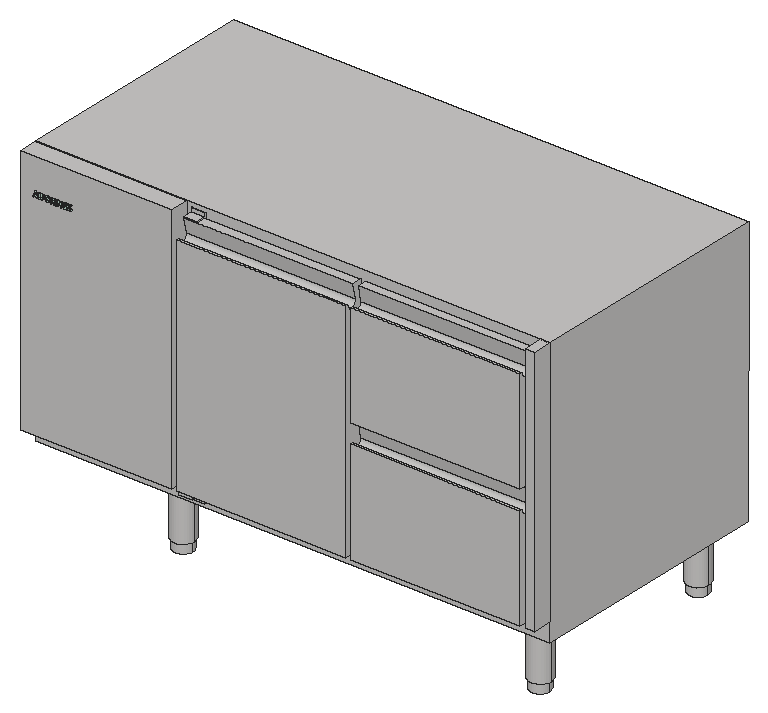
Revit family "QF_ALPENINOX_712197_AK2F7AB", category Specialty Equipment, Revit 2018 (continued)
Definition of nested family "APX_BI_BT_L"
  Lines and regions (mm)
    Split face 121
      outline origin (215, -951.3, 50) x (1, 0, 0) y (0, 1, 0)
        loop
          arc (-273.464, 607.474) -> (-277.464, 603.474) -> (-273.464, 599.474) r 4
          line (-273.464, 599.474) -> (-231.464, 599.474)
          arc (-231.464, 599.474) -> (-227.464, 603.474) -> (-231.464, 607.474) r 4
          line (-231.464, 607.474) -> (-273.464, 607.474)
    Split face 122
      outline origin (-5, -975.3, 50) x (1, 0, 0) y (0, 1, 0)
        loop
          arc (-163.464, 619.474) -> (-167.464, 615.474) -> (-163.464, 611.474) r 4
          line (-163.464, 611.474) -> (-121.464, 611.474)
          arc (-121.464, 611.474) -> (-117.464, 615.474) -> (-121.464, 619.474) r 4
          line (-121.464, 619.474) -> (-163.464, 619.474)
    Split face 123
      outline origin (325, -975.3, 50) x (1, 0, 0) y (0, 1, 0)
        loop
          arc (-328.464, 619.474) -> (-332.464, 615.474) -> (-328.464, 611.474) r 4
          line (-328.464, 611.474) -> (-286.464, 611.474)
          arc (-286.464, 611.474) -> (-282.464, 615.474) -> (-286.464, 619.474) r 4
          line (-286.464, 619.474) -> (-328.464, 619.474)
    Split face 124
      outline origin (105, -975.3, 50) x (1, 0, 0) y (0, 1, 0)
        loop
          arc (-218.464, 619.474) -> (-222.464, 615.474) -> (-218.464, 611.474) r 4
          line (-218.464, 611.474) -> (-176.464, 611.474)
          arc (-176.464, 611.474) -> (-172.464, 615.474) -> (-176.464, 619.474) r 4
          line (-176.464, 619.474) -> (-218.464, 619.474)
    Split face 125
      outline origin (215, -975.3, 50) x (1, 0, 0) y (0, 1, 0)
        loop
          arc (-273.464, 619.474) -> (-277.464, 615.474) -> (-273.464, 611.474) r 4
          line (-273.464, 611.474) -> (-231.464, 611.474)
          arc (-231.464, 611.474) -> (-227.464, 615.474) -> (-231.464, 619.474) r 4
          line (-231.464, 619.474) -> (-273.464, 619.474)
    Split face 126
      outline origin (-5, -999.3, 50) x (1, 0, 0) y (0, 1, 0)
        loop
          arc (-163.464, 631.474) -> (-167.464, 627.474) -> (-163.464, 623.474) r 4
          line (-163.464, 623.474) -> (-121.464, 623.474)
          arc (-121.464, 623.474) -> (-117.464, 627.474) -> (-121.464, 631.474) r 4
          line (-121.464, 631.474) -> (-163.464, 631.474)
    Split face 127
      outline origin (325, -999.3, 50) x (1, 0, 0) y (0, 1, 0)
        loop
          arc (-328.464, 631.474) -> (-332.464, 627.474) -> (-328.464, 623.474) r 4
          line (-328.464, 623.474) -> (-286.464, 623.474)
          arc (-286.464, 623.474) -> (-282.464, 627.474) -> (-286.464, 631.474) r 4
          line (-286.464, 631.474) -> (-328.464, 631.474)
    Split face 128
      outline origin (105, -999.3, 50) x (1, 0, 0) y (0, 1, 0)
        loop
          arc (-218.464, 631.474) -> (-222.464, 627.474) -> (-218.464, 623.474) r 4
          line (-218.464, 623.474) -> (-176.464, 623.474)
          arc (-176.464, 623.474) -> (-172.464, 627.474) -> (-176.464, 631.474) r 4
          line (-176.464, 631.474) -> (-218.464, 631.474)
    Split face 129
      outline origin (215, -999.3, 50) x (1, 0, 0) y (0, 1, 0)
        loop
          arc (-273.464, 631.474) -> (-277.464, 627.474) -> (-273.464, 623.474) r 4
          line (-273.464, 623.474) -> (-231.464, 623.474)
          arc (-231.464, 623.474) -> (-227.464, 627.474) -> (-231.464, 631.474) r 4
          line (-231.464, 631.474) -> (-273.464, 631.474)
    Split face 130
      outline origin (-5, -1023.3, 50) x (1, 0, 0) y (0, 1, 0)
        loop
          arc (-163.464, 643.474) -> (-167.464, 639.474) -> (-163.464, 635.474) r 4
          line (-163.464, 635.474) -> (-121.464, 635.474)
          arc (-121.464, 635.474) -> (-117.464, 639.474) -> (-121.464, 643.474) r 4
          line (-121.464, 643.474) -> (-163.464, 643.474)
    Split face 131
      outline origin (325, -1023.3, 50) x (1, 0, 0) y (0, 1, 0)
        loop
          arc (-328.464, 643.474) -> (-332.464, 639.474) -> (-328.464, 635.474) r 4
          line (-328.464, 635.474) -> (-286.464, 635.474)
          arc (-286.464, 635.474) -> (-282.464, 639.474) -> (-286.464, 643.474) r 4
          line (-286.464, 643.474) -> (-328.464, 643.474)
    Split face 132
      outline origin (105, -1023.3, 50) x (1, 0, 0) y (0, 1, 0)
        loop
          arc (-218.464, 643.474) -> (-222.464, 639.474) -> (-218.464, 635.474) r 4
          line (-218.464, 635.474) -> (-176.464, 635.474)
          arc (-176.464, 635.474) -> (-172.464, 639.474) -> (-176.464, 643.474) r 4
          line (-176.464, 643.474) -> (-218.464, 643.474)
    Split face 133
      outline origin (215, -1023.3, 50) x (1, 0, 0) y (0, 1, 0)
        loop
          arc (-273.464, 643.474) -> (-277.464, 639.474) -> (-273.464, 635.474) r 4
          line (-273.464, 635.474) -> (-231.464, 635.474)
          arc (-231.464, 635.474) -> (-227.464, 639.474) -> (-231.464, 643.474) r 4
          line (-231.464, 643.474) -> (-273.464, 643.474)
    Split face 134
      outline origin (0, 0, 50) x (1, 0, 0) y (0, 1, 0)
        loop
          arc (51.536, 131.824) -> (47.536, 127.824) -> (51.536, 123.824) r 4
          line (51.536, 123.824) -> (93.536, 123.824)
          arc (93.536, 123.824) -> (97.536, 127.824) -> (93.536, 131.824) r 4
          line (93.536, 131.824) -> (51.536, 131.824)
    Split face 135
      outline origin (0, 0, 50) x (1, 0, 0) y (0, 1, 0)
        loop
          arc (106.536, 131.824) -> (102.536, 127.824) -> (106.536, 123.824) r 4
          line (106.536, 123.824) -> (148.536, 123.824)
          arc (148.536, 123.824) -> (152.536, 127.824) -> (148.536, 131.824) r 4
          line (148.536, 131.824) -> (106.536, 131.824)
    Split face 136
      outline origin (0, -24, 50) x (1, 0, 0) y (0, 1, 0)
        loop
          arc (51.536, 143.824) -> (47.536, 139.824) -> (51.536, 135.824) r 4
          line (51.536, 135.824) -> (93.536, 135.824)
          arc (93.536, 135.824) -> (97.536, 139.824) -> (93.536, 143.824) r 4
          line (93.536, 143.824) -> (51.536, 143.824)
    Split face 137
      outline origin (0, -24, 50) x (1, 0, 0) y (0, 1, 0)
        loop
          arc (106.536, 143.824) -> (102.536, 139.824) -> (106.536, 135.824) r 4
          line (106.536, 135.824) -> (148.536, 135.824)
          arc (148.536, 135.824) -> (152.536, 139.824) -> (148.536, 143.824) r 4
          line (148.536, 143.824) -> (106.536, 143.824)
    Split face 138
      outline origin (0, -48, 50) x (1, 0, 0) y (0, 1, 0)
        loop
          arc (51.536, 155.824) -> (47.536, 151.824) -> (51.536, 147.824) r 4
          line (51.536, 147.824) -> (93.536, 147.824)
          arc (93.536, 147.824) -> (97.536, 151.824) -> (93.536, 155.824) r 4
          line (93.536, 155.824) -> (51.536, 155.824)
    Split face 139
      outline origin (0, -48, 50) x (1, 0, 0) y (0, 1, 0)
        loop
          arc (106.536, 155.824) -> (102.536, 151.824) -> (106.536, 147.824) r 4
          line (106.536, 147.824) -> (148.536, 147.824)
          arc (148.536, 147.824) -> (152.536, 151.824) -> (148.536, 155.824) r 4
          line (148.536, 155.824) -> (106.536, 155.824)
    Split face 140
      outline origin (0, -72, 50) x (1, 0, 0) y (0, 1, 0)
        loop
          arc (51.536, 167.824) -> (47.536, 163.824) -> (51.536, 159.824) r 4
          line (51.536, 159.824) -> (93.536, 159.824)
          arc (93.536, 159.824) -> (97.536, 163.824) -> (93.536, 167.824) r 4
          line (93.536, 167.824) -> (51.536, 167.824)
    Split face 141
      outline origin (0, -72, 50) x (1, 0, 0) y (0, 1, 0)
        loop
          arc (106.536, 167.824) -> (102.536, 163.824) -> (106.536, 159.824) r 4
          line (106.536, 159.824) -> (148.536, 159.824)
          arc (148.536, 159.824) -> (152.536, 163.824) -> (148.536, 167.824) r 4
          line (148.536, 167.824) -> (106.536, 167.824)
    Split face 142
      outline origin (0, -96, 50) x (1, 0, 0) y (0, 1, 0)
        loop
          arc (51.536, 179.824) -> (47.536, 175.824) -> (51.536, 171.824) r 4
          line (51.536, 171.824) -> (93.536, 171.824)
          arc (93.536, 171.824) -> (97.536, 175.824) -> (93.536, 179.824) r 4
          line (93.536, 179.824) -> (51.536, 179.824)
    Split face 143
      outline origin (0, -96, 50) x (1, 0, 0) y (0, 1, 0)
        loop
          arc (106.536, 179.824) -> (102.536, 175.824) -> (106.536, 171.824) r 4
          line (106.536, 171.824) -> (148.536, 171.824)
          arc (148.536, 171.824) -> (152.536, 175.824) -> (148.536, 179.824) r 4
          line (148.536, 179.824) -> (106.536, 179.824)
    Split face 144
      outline origin (0, -120, 50) x (1, 0, 0) y (0, 1, 0)
        loop
          arc (51.536, 191.824) -> (47.536, 187.824) -> (51.536, 183.824) r 4
          line (51.536, 183.824) -> (93.536, 183.824)
          arc (93.536, 183.824) -> (97.536, 187.824) -> (93.536, 191.824) r 4
          line (93.536, 191.824) -> (51.536, 191.824)
    Split face 145
      outline origin (0, -120, 50) x (1, 0, 0) y (0, 1, 0)
        loop
          arc (106.536, 191.824) -> (102.536, 187.824) -> (106.536, 183.824) r 4
          line (106.536, 183.824) -> (148.536, 183.824)
          arc (148.536, 183.824) -> (152.536, 187.824) -> (148.536, 191.824) r 4
          line (148.536, 191.824) -> (106.536, 191.824)
    Split face 146
      outline origin (0, -144, 50) x (1, 0, 0) y (0, 1, 0)
        loop
          arc (51.536, 203.824) -> (47.536, 199.824) -> (51.536, 195.824) r 4
          line (51.536, 195.824) -> (93.536, 195.824)
          arc (93.536, 195.824) -> (97.536, 199.824) -> (93.536, 203.824) r 4
          line (93.536, 203.824) -> (51.536, 203.824)
    Split face 147
      outline origin (0, -144, 50) x (1, 0, 0) y (0, 1, 0)
        loop
          arc (106.536, 203.824) -> (102.536, 199.824) -> (106.536, 195.824) r 4
          line (106.536, 195.824) -> (148.536, 195.824)
          arc (148.536, 195.824) -> (152.536, 199.824) -> (148.536, 203.824) r 4
          line (148.536, 203.824) -> (106.536, 203.824)
    Split face 148
      outline origin (0, -168, 50) x (1, 0, 0) y (0, 1, 0)
        loop
          arc (51.536, 215.824) -> (47.536, 211.824) -> (51.536, 207.824) r 4
          line (51.536, 207.824) -> (93.536, 207.824)
          arc (93.536, 207.824) -> (97.536, 211.824) -> (93.536, 215.824) r 4
          line (93.536, 215.824) -> (51.536, 215.824)
    Split face 149
      outline origin (0, -168, 50) x (1, 0, 0) y (0, 1, 0)
        loop
          arc (106.536, 215.824) -> (102.536, 211.824) -> (106.536, 207.824) r 4
          line (106.536, 207.824) -> (148.536, 207.824)
          arc (148.536, 207.824) -> (152.536, 211.824) -> (148.536, 215.824) r 4
          line (148.536, 215.824) -> (106.536, 215.824)
    Split face 150
      outline origin (0, -192, 50) x (1, 0, 0) y (0, 1, 0)
        loop
          arc (51.536, 227.824) -> (47.536, 223.824) -> (51.536, 219.824) r 4
          line (51.536, 219.824) -> (93.536, 219.824)
          arc (93.536, 219.824) -> (97.536, 223.824) -> (93.536, 227.824) r 4
          line (93.536, 227.824) -> (51.536, 227.824)
    Split face 151
      outline origin (0, -192, 50) x (1, 0, 0) y (0, 1, 0)
        loop
          arc (106.536, 227.824) -> (102.536, 223.824) -> (106.536, 219.824) r 4
          line (106.536, 219.824) -> (148.536, 219.824)
          arc (148.536, 219.824) -> (152.536, 223.824) -> (148.536, 227.824) r 4
          line (148.536, 227.824) -> (106.536, 227.824)
    Split face 152
      outline origin (0, -216, 50) x (1, 0, 0) y (0, 1, 0)
        loop
          arc (51.536, 239.824) -> (47.536, 235.824) -> (51.536, 231.824) r 4
          line (51.536, 231.824) -> (93.536, 231.824)
          arc (93.536, 231.824) -> (97.536, 235.824) -> (93.536, 239.824) r 4
          line (93.536, 239.824) -> (51.536, 239.824)
    Split face 153
      outline origin (0, -216, 50) x (1, 0, 0) y (0, 1, 0)
        loop
          arc (106.536, 239.824) -> (102.536, 235.824) -> (106.536, 231.824) r 4
          line (106.536, 231.824) -> (148.536, 231.824)
          arc (148.536, 231.824) -> (152.536, 235.824) -> (148.536, 239.824) r 4
          line (148.536, 239.824) -> (106.536, 239.824)
    Split face 154
      outline origin (0, -240, 50) x (1, 0, 0) y (0, 1, 0)
        loop
          arc (51.536, 251.824) -> (47.536, 247.824) -> (51.536, 243.824) r 4
          line (51.536, 243.824) -> (93.536, 243.824)
          arc (93.536, 243.824) -> (97.536, 247.824) -> (93.536, 251.824) r 4
          line (93.536, 251.824) -> (51.536, 251.824)
    Split face 155
      outline origin (0, -240, 50) x (1, 0, 0) y (0, 1, 0)
        loop
          arc (106.536, 251.824) -> (102.536, 247.824) -> (106.536, 243.824) r 4
          line (106.536, 243.824) -> (148.536, 243.824)
          arc (148.536, 243.824) -> (152.536, 247.824) -> (148.536, 251.824) r 4
          line (148.536, 251.824) -> (106.536, 251.824)
    Split face 156
      outline origin (0, -264, 50) x (1, 0, 0) y (0, 1, 0)
        loop
          arc (51.536, 263.824) -> (47.536, 259.824) -> (51.536, 255.824) r 4
          line (51.536, 255.824) -> (93.536, 255.824)
          arc (93.536, 255.824) -> (97.536, 259.824) -> (93.536, 263.824) r 4
          line (93.536, 263.824) -> (51.536, 263.824)
    Split face 157
      outline origin (0, -264, 50) x (1, 0, 0) y (0, 1, 0)
        loop
          arc (106.536, 263.824) -> (102.536, 259.824) -> (106.536, 255.824) r 4
          line (106.536, 255.824) -> (148.536, 255.824)
          arc (148.536, 255.824) -> (152.536, 259.824) -> (148.536, 263.824) r 4
          line (148.536, 263.824) -> (106.536, 263.824)
    Split face 158
      outline origin (0, -288, 50) x (1, 0, 0) y (0, 1, 0)
        loop
          arc (51.536, 275.824) -> (47.536, 271.824) -> (51.536, 267.824) r 4
          line (51.536, 267.824) -> (93.536, 267.824)
          arc (93.536, 267.824) -> (97.536, 271.824) -> (93.536, 275.824) r 4
          line (93.536, 275.824) -> (51.536, 275.824)
    Split face 159
      outline origin (0, -288, 50) x (1, 0, 0) y (0, 1, 0)
        loop
          arc (106.536, 275.824) -> (102.536, 271.824) -> (106.536, 267.824) r 4
          line (106.536, 267.824) -> (148.536, 267.824)
          arc (148.536, 267.824) -> (152.536, 271.824) -> (148.536, 275.824) r 4
          line (148.536, 275.824) -> (106.536, 275.824)
    Split face 160
      outline origin (0, -312, 50) x (1, 0, 0) y (0, 1, 0)
        loop
          arc (51.536, 287.824) -> (47.536, 283.824) -> (51.536, 279.824) r 4
          line (51.536, 279.824) -> (93.536, 279.824)
          arc (93.536, 279.824) -> (97.536, 283.824) -> (93.536, 287.824) r 4
          line (93.536, 287.824) -> (51.536, 287.824)
    Split face 161
      outline origin (0, -312, 50) x (1, 0, 0) y (0, 1, 0)
        loop
          arc (106.536, 287.824) -> (102.536, 283.824) -> (106.536, 279.824) r 4
          line (106.536, 279.824) -> (148.536, 279.824)
          arc (148.536, 279.824) -> (152.536, 283.824) -> (148.536, 287.824) r 4
          line (148.536, 287.824) -> (106.536, 287.824)
    Split face 162
      outline origin (0, -336, 50) x (1, 0, 0) y (0, 1, 0)
        loop
          arc (51.536, 299.824) -> (47.536, 295.824) -> (51.536, 291.824) r 4
          line (51.536, 291.824) -> (93.536, 291.824)
          arc (93.536, 291.824) -> (97.536, 295.824) -> (93.536, 299.824) r 4
          line (93.536, 299.824) -> (51.536, 299.824)
    Split face 163
      outline origin (0, -336, 50) x (1, 0, 0) y (0, 1, 0)
        loop
          arc (106.536, 299.824) -> (102.536, 295.824) -> (106.536, 291.824) r 4
          line (106.536, 291.824) -> (148.536, 291.824)
          arc (148.536, 291.824) -> (152.536, 295.824) -> (148.536, 299.824) r 4
          line (148.536, 299.824) -> (106.536, 299.824)
    Split face 164
      outline origin (0, -360, 50) x (1, 0, 0) y (0, 1, 0)
        loop
          arc (51.536, 311.824) -> (47.536, 307.824) -> (51.536, 303.824) r 4
          line (51.536, 303.824) -> (93.536, 303.824)
          arc (93.536, 303.824) -> (97.536, 307.824) -> (93.536, 311.824) r 4
          line (93.536, 311.824) -> (51.536, 311.824)
    Split face 165
      outline origin (0, -360, 50) x (1, 0, 0) y (0, 1, 0)
        loop
          arc (106.536, 311.824) -> (102.536, 307.824) -> (106.536, 303.824) r 4
          line (106.536, 303.824) -> (148.536, 303.824)
          arc (148.536, 303.824) -> (152.536, 307.824) -> (148.536, 311.824) r 4
          line (148.536, 311.824) -> (106.536, 311.824)
    Split face 166
      outline origin (0, -663.3, 50) x (1, 0, 0) y (0, 1, 0)
        loop
          arc (51.536, 463.474) -> (47.536, 459.474) -> (51.536, 455.474) r 4
          line (51.536, 455.474) -> (93.536, 455.474)
          arc (93.536, 455.474) -> (97.536, 459.474) -> (93.536, 463.474) r 4
          line (93.536, 463.474) -> (51.536, 463.474)
    Split face 167
      outline origin (0, -663.3, 50) x (1, 0, 0) y (0, 1, 0)
        loop
          arc (106.536, 463.474) -> (102.536, 459.474) -> (106.536, 455.474) r 4
          line (106.536, 455.474) -> (148.536, 455.474)
          arc (148.536, 455.474) -> (152.536, 459.474) -> (148.536, 463.474) r 4
          line (148.536, 463.474) -> (106.536, 463.474)
    Split face 168
      outline origin (0, -687.3, 50) x (1, 0, 0) y (0, 1, 0)
        loop
          arc (51.536, 475.474) -> (47.536, 471.474) -> (51.536, 467.474) r 4
          line (51.536, 467.474) -> (93.536, 467.474)
          arc (93.536, 467.474) -> (97.536, 471.474) -> (93.536, 475.474) r 4
          line (93.536, 475.474) -> (51.536, 475.474)
    Split face 169
      outline origin (0, -687.3, 50) x (1, 0, 0) y (0, 1, 0)
        loop
          arc (106.536, 475.474) -> (102.536, 471.474) -> (106.536, 467.474) r 4
          line (106.536, 467.474) -> (148.536, 467.474)
          arc (148.536, 467.474) -> (152.536, 471.474) -> (148.536, 475.474) r 4
          line (148.536, 475.474) -> (106.536, 475.474)
    Split face 170
      outline origin (0, -711.3, 50) x (1, 0, 0) y (0, 1, 0)
        loop
          arc (51.536, 487.474) -> (47.536, 483.474) -> (51.536, 479.474) r 4
          line (51.536, 479.474) -> (93.536, 479.474)
          arc (93.536, 479.474) -> (97.536, 483.474) -> (93.536, 487.474) r 4
          line (93.536, 487.474) -> (51.536, 487.474)
    Split face 171
      outline origin (0, -711.3, 50) x (1, 0, 0) y (0, 1, 0)
        loop
          arc (106.536, 487.474) -> (102.536, 483.474) -> (106.536, 479.474) r 4
          line (106.536, 479.474) -> (148.536, 479.474)
          arc (148.536, 479.474) -> (152.536, 483.474) -> (148.536, 487.474) r 4
          line (148.536, 487.474) -> (106.536, 487.474)
    Split face 172
      outline origin (0, -735.3, 50) x (1, 0, 0) y (0, 1, 0)
        loop
          arc (51.536, 499.474) -> (47.536, 495.474) -> (51.536, 491.474) r 4
          line (51.536, 491.474) -> (93.536, 491.474)
          arc (93.536, 491.474) -> (97.536, 495.474) -> (93.536, 499.474) r 4
          line (93.536, 499.474) -> (51.536, 499.474)
    Split face 173
      outline origin (0, -735.3, 50) x (1, 0, 0) y (0, 1, 0)
        loop
          arc (106.536, 499.474) -> (102.536, 495.474) -> (106.536, 491.474) r 4
          line (106.536, 491.474) -> (148.536, 491.474)
          arc (148.536, 491.474) -> (152.536, 495.474) -> (148.536, 499.474) r 4
          line (148.536, 499.474) -> (106.536, 499.474)
    Split face 174
      outline origin (0, -759.3, 50) x (1, 0, 0) y (0, 1, 0)
        loop
          arc (51.536, 511.474) -> (47.536, 507.474) -> (51.536, 503.474) r 4
          line (51.536, 503.474) -> (93.536, 503.474)
          arc (93.536, 503.474) -> (97.536, 507.474) -> (93.536, 511.474) r 4
          line (93.536, 511.474) -> (51.536, 511.474)
    Split face 175
      outline origin (0, -759.3, 50) x (1, 0, 0) y (0, 1, 0)
        loop
          arc (106.536, 511.474) -> (102.536, 507.474) -> (106.536, 503.474) r 4
          line (106.536, 503.474) -> (148.536, 503.474)
          arc (148.536, 503.474) -> (152.536, 507.474) -> (148.536, 511.474) r 4
          line (148.536, 511.474) -> (106.536, 511.474)
    Split face 176
      outline origin (0, -783.3, 50) x (1, 0, 0) y (0, 1, 0)
        loop
          arc (51.536, 523.474) -> (47.536, 519.474) -> (51.536, 515.474) r 4
          line (51.536, 515.474) -> (93.536, 515.474)
          arc (93.536, 515.474) -> (97.536, 519.474) -> (93.536, 523.474) r 4
          line (93.536, 523.474) -> (51.536, 523.474)
    Split face 177
      outline origin (0, -783.3, 50) x (1, 0, 0) y (0, 1, 0)
        loop
          arc (106.536, 523.474) -> (102.536, 519.474) -> (106.536, 515.474) r 4
          line (106.536, 515.474) -> (148.536, 515.474)
          arc (148.536, 515.474) -> (152.536, 519.474) -> (148.536, 523.474) r 4
          line (148.536, 523.474) -> (106.536, 523.474)
    Split face 178
      outline origin (0, -807.3, 50) x (1, 0, 0) y (0, 1, 0)
        loop
          arc (51.536, 535.474) -> (47.536, 531.474) -> (51.536, 527.474) r 4
          line (51.536, 527.474) -> (93.536, 527.474)
          arc (93.536, 527.474) -> (97.536, 531.474) -> (93.536, 535.474) r 4
          line (93.536, 535.474) -> (51.536, 535.474)
    Split face 179
      outline origin (0, -807.3, 50) x (1, 0, 0) y (0, 1, 0)
        loop
          arc (106.536, 535.474) -> (102.536, 531.474) -> (106.536, 527.474) r 4
          line (106.536, 527.474) -> (148.536, 527.474)
          arc (148.536, 527.474) -> (152.536, 531.474) -> (148.536, 535.474) r 4
          line (148.536, 535.474) -> (106.536, 535.474)
    Split face 180
      outline origin (0, -831.3, 50) x (1, 0, 0) y (0, 1, 0)
        loop
          arc (51.536, 547.474) -> (47.536, 543.474) -> (51.536, 539.474) r 4
          line (51.536, 539.474) -> (93.536, 539.474)
          arc (93.536, 539.474) -> (97.536, 543.474) -> (93.536, 547.474) r 4
          line (93.536, 547.474) -> (51.536, 547.474)
    Split face 181
      outline origin (0, -831.3, 50) x (1, 0, 0) y (0, 1, 0)
        loop
          arc (106.536, 547.474) -> (102.536, 543.474) -> (106.536, 539.474) r 4
          line (106.536, 539.474) -> (148.536, 539.474)
          arc (148.536, 539.474) -> (152.536, 543.474) -> (148.536, 547.474) r 4
          line (148.536, 547.474) -> (106.536, 547.474)
    Split face 182
      outline origin (0, -855.3, 50) x (1, 0, 0) y (0, 1, 0)
        loop
          arc (51.536, 559.474) -> (47.536, 555.474) -> (51.536, 551.474) r 4
          line (51.536, 551.474) -> (93.536, 551.474)
          arc (93.536, 551.474) -> (97.536, 555.474) -> (93.536, 559.474) r 4
          line (93.536, 559.474) -> (51.536, 559.474)
    Split face 183
      outline origin (0, -855.3, 50) x (1, 0, 0) y (0, 1, 0)
        loop
          arc (106.536, 559.474) -> (102.536, 555.474) -> (106.536, 551.474) r 4
          line (106.536, 551.474) -> (148.536, 551.474)
          arc (148.536, 551.474) -> (152.536, 555.474) -> (148.536, 559.474) r 4
          line (148.536, 559.474) -> (106.536, 559.474)
    Split face 184
      outline origin (0, -879.3, 50) x (1, 0, 0) y (0, 1, 0)
        loop
          arc (51.536, 571.474) -> (47.536, 567.474) -> (51.536, 563.474) r 4
          line (51.536, 563.474) -> (93.536, 563.474)
          arc (93.536, 563.474) -> (97.536, 567.474) -> (93.536, 571.474) r 4
          line (93.536, 571.474) -> (51.536, 571.474)
    Split face 185
      outline origin (0, -879.3, 50) x (1, 0, 0) y (0, 1, 0)
        loop
          arc (106.536, 571.474) -> (102.536, 567.474) -> (106.536, 563.474) r 4
          line (106.536, 563.474) -> (148.536, 563.474)
          arc (148.536, 563.474) -> (152.536, 567.474) -> (148.536, 571.474) r 4
          line (148.536, 571.474) -> (106.536, 571.474)
    Split face 186
      outline origin (0, -903.3, 50) x (1, 0, 0) y (0, 1, 0)
        loop
          arc (51.536, 583.474) -> (47.536, 579.474) -> (51.536, 575.474) r 4
          line (51.536, 575.474) -> (93.536, 575.474)
          arc (93.536, 575.474) -> (97.536, 579.474) -> (93.536, 583.474) r 4
          line (93.536, 583.474) -> (51.536, 583.474)
    Split face 187
      outline origin (0, -903.3, 50) x (1, 0, 0) y (0, 1, 0)
        loop
          arc (106.536, 583.474) -> (102.536, 579.474) -> (106.536, 575.474) r 4
          line (106.536, 575.474) -> (148.536, 575.474)
          arc (148.536, 575.474) -> (152.536, 579.474) -> (148.536, 583.474) r 4
          line (148.536, 583.474) -> (106.536, 583.474)
    Split face 188
      outline origin (0, -927.3, 50) x (1, 0, 0) y (0, 1, 0)
        loop
          arc (51.536, 595.474) -> (47.536, 591.474) -> (51.536, 587.474) r 4
          line (51.536, 587.474) -> (93.536, 587.474)
          arc (93.536, 587.474) -> (97.536, 591.474) -> (93.536, 595.474) r 4
          line (93.536, 595.474) -> (51.536, 595.474)
    Split face 189
      outline origin (0, -927.3, 50) x (1, 0, 0) y (0, 1, 0)
        loop
          arc (106.536, 595.474) -> (102.536, 591.474) -> (106.536, 587.474) r 4
          line (106.536, 587.474) -> (148.536, 587.474)
          arc (148.536, 587.474) -> (152.536, 591.474) -> (148.536, 595.474) r 4
          line (148.536, 595.474) -> (106.536, 595.474)
    Split face 190
      outline origin (0, -951.3, 50) x (1, 0, 0) y (0, 1, 0)
        loop
          arc (51.536, 607.474) -> (47.536, 603.474) -> (51.536, 599.474) r 4
          line (51.536, 599.474) -> (93.536, 599.474)
          arc (93.536, 599.474) -> (97.536, 603.474) -> (93.536, 607.474) r 4
          line (93.536, 607.474) -> (51.536, 607.474)
    Split face 191
      outline origin (0, -951.3, 50) x (1, 0, 0) y (0, 1, 0)
        loop
          arc (106.536, 607.474) -> (102.536, 603.474) -> (106.536, 599.474) r 4
          line (106.536, 599.474) -> (148.536, 599.474)
          arc (148.536, 599.474) -> (152.536, 603.474) -> (148.536, 607.474) r 4
          line (148.536, 607.474) -> (106.536, 607.474)
    Split face 192
      outline origin (0, -975.3, 50) x (1, 0, 0) y (0, 1, 0)
        loop
          arc (51.536, 619.474) -> (47.536, 615.474) -> (51.536, 611.474) r 4
          line (51.536, 611.474) -> (93.536, 611.474)
          arc (93.536, 611.474) -> (97.536, 615.474) -> (93.536, 619.474) r 4
          line (93.536, 619.474) -> (51.536, 619.474)
    Split face 193
      outline origin (0, -975.3, 50) x (1, 0, 0) y (0, 1, 0)
        loop
          arc (106.536, 619.474) -> (102.536, 615.474) -> (106.536, 611.474) r 4
          line (106.536, 611.474) -> (148.536, 611.474)
          arc (148.536, 611.474) -> (152.536, 615.474) -> (148.536, 619.474) r 4
          line (148.536, 619.474) -> (106.536, 619.474)
    Split face 194
      outline origin (0, -999.3, 50) x (1, 0, 0) y (0, 1, 0)
        loop
          arc (51.536, 631.474) -> (47.536, 627.474) -> (51.536, 623.474) r 4
          line (51.536, 623.474) -> (93.536, 623.474)
          arc (93.536, 623.474) -> (97.536, 627.474) -> (93.536, 631.474) r 4
          line (93.536, 631.474) -> (51.536, 631.474)
    Split face 195
      outline origin (0, -999.3, 50) x (1, 0, 0) y (0, 1, 0)
        loop
          arc (106.536, 631.474) -> (102.536, 627.474) -> (106.536, 623.474) r 4
          line (106.536, 623.474) -> (148.536, 623.474)
          arc (148.536, 623.474) -> (152.536, 627.474) -> (148.536, 631.474) r 4
          line (148.536, 631.474) -> (106.536, 631.474)
    Split face 196
      outline origin (0, -1023.3, 50) x (1, 0, 0) y (0, 1, 0)
        loop
          arc (51.536, 643.474) -> (47.536, 639.474) -> (51.536, 635.474) r 4
          line (51.536, 635.474) -> (93.536, 635.474)
          arc (93.536, 635.474) -> (97.536, 639.474) -> (93.536, 643.474) r 4
          line (93.536, 643.474) -> (51.536, 643.474)
    Split face 197
      outline origin (0, -1023.3, 50) x (1, 0, 0) y (0, 1, 0)
        loop
          arc (106.536, 643.474) -> (102.536, 639.474) -> (106.536, 635.474) r 4
          line (106.536, 635.474) -> (148.536, 635.474)
          arc (148.536, 635.474) -> (152.536, 639.474) -> (148.536, 643.474) r 4
          line (148.536, 643.474) -> (106.536, 643.474)
    Split face 198
      outline origin (100, 0, 50) x (1, 0, 0) y (0, 1, 0)
        loop
          line (87.08, 183) -> (-272.92, 183)
          arc (-272.92, 183) -> (-290.42, 165.5) -> (-272.92, 148) r 17.5
          line (-272.92, 148) -> (87.08, 148)
    symbolic lines
      curve 1: line (187.08, -74, 50) -> (187.08, -74, 0)
  Dimensions and locks
    equal spacing: plane 6, plane 1 "Center (Front/Back)", plane 7
    equal spacing: plane 4, plane 3 "Center (Left/Right)", plane 5
    aligned and locked: plane 2 to Extrusion 1
    aligned and locked: level to Extrusion 1
  Automatic sketch dimensions
    Split face 4 sketch curve to Split face 4 sketch curve = 42 mm
    Split face 4 sketch curve to Split face 4 sketch curve = 4 mm
    Split face 5 sketch curve to Split face 5 sketch curve = 42 mm
    Split face 5 sketch curve to Split face 5 sketch curve = 4 mm
    Split face 6 sketch curve to Split face 6 sketch curve = 42 mm
    Split face 6 sketch curve to Split face 6 sketch curve = 4 mm
    Split face 7 sketch curve to Split face 7 sketch curve = 42 mm
    Split face 7 sketch curve to Split face 7 sketch curve = 4 mm
    Split face 8 sketch curve to Split face 8 sketch curve = 42 mm
    Split face 8 sketch curve to Split face 8 sketch curve = 4 mm
    Split face 9 sketch curve to Split face 9 sketch curve = 42 mm
    Split face 9 sketch curve to Split face 9 sketch curve = 4 mm
    Split face 10 sketch curve to Split face 10 sketch curve = 42 mm
    Split face 10 sketch curve to Split face 10 sketch curve = 4 mm
    Split face 11 sketch curve to Split face 11 sketch curve = 42 mm
    Split face 11 sketch curve to Split face 11 sketch curve = 4 mm
    Split face 12 sketch curve to Split face 12 sketch curve = 42 mm
    Split face 12 sketch curve to Split face 12 sketch curve = 4 mm
    Split face 13 sketch curve to Split face 13 sketch curve = 42 mm
    Split face 13 sketch curve to Split face 13 sketch curve = 4 mm
    Split face 14 sketch curve to Split face 14 sketch curve = 42 mm
    Split face 14 sketch curve to Split face 14 sketch curve = 4 mm
    Split face 15 sketch curve to Split face 15 sketch curve = 42 mm
    Split face 15 sketch curve to Split face 15 sketch curve = 4 mm
    Split face 16 sketch curve to Split face 16 sketch curve = 42 mm
    Split face 16 sketch curve to Split face 16 sketch curve = 4 mm
    Split face 17 sketch curve to Split face 17 sketch curve = 42 mm
    Split face 17 sketch curve to Split face 17 sketch curve = 4 mm
    Split face 18 sketch curve to Split face 18 sketch curve = 42 mm
    Split face 18 sketch curve to Split face 18 sketch curve = 4 mm
    Split face 19 sketch curve to Split face 19 sketch curve = 42 mm
    Split face 19 sketch curve to Split face 19 sketch curve = 4 mm
    Split face 20 sketch curve to Split face 20 sketch curve = 42 mm
    Split face 20 sketch curve to Split face 20 sketch curve = 4 mm
    Split face 21 sketch curve to Split face 21 sketch curve = 42 mm
    Split face 21 sketch curve to Split face 21 sketch curve = 4 mm
    Split face 22 sketch curve to Split face 22 sketch curve = 42 mm
    Split face 22 sketch curve to Split face 22 sketch curve = 4 mm
    Split face 23 sketch curve to Split face 23 sketch curve = 42 mm
    Split face 23 sketch curve to Split face 23 sketch curve = 4 mm
    Split face 24 sketch curve to Split face 24 sketch curve = 42 mm
    Split face 24 sketch curve to Split face 24 sketch curve = 4 mm
    Split face 25 sketch curve to Split face 25 sketch curve = 42 mm
    Split face 25 sketch curve to Split face 25 sketch curve = 4 mm
    Split face 26 sketch curve to Split face 26 sketch curve = 42 mm
    Split face 26 sketch curve to Split face 26 sketch curve = 4 mm
    Split face 27 sketch curve to Split face 27 sketch curve = 42 mm
    Split face 27 sketch curve to Split face 27 sketch curve = 4 mm
    Split face 28 sketch curve to Split face 28 sketch curve = 42 mm
    Split face 28 sketch curve to Split face 28 sketch curve = 4 mm
    Split face 29 sketch curve to Split face 29 sketch curve = 42 mm
    Split face 29 sketch curve to Split face 29 sketch curve = 4 mm
    Split face 30 sketch curve to Split face 30 sketch curve = 42 mm
    Split face 30 sketch curve to Split face 30 sketch curve = 4 mm
    Split face 31 sketch curve to Split face 31 sketch curve = 42 mm
    Split face 31 sketch curve to Split face 31 sketch curve = 4 mm
    Split face 32 sketch curve to Split face 32 sketch curve = 42 mm
    Split face 32 sketch curve to Split face 32 sketch curve = 4 mm
    Split face 33 sketch curve to Split face 33 sketch curve = 42 mm
    Split face 33 sketch curve to Split face 33 sketch curve = 4 mm
    Split face 34 sketch curve to Split face 34 sketch curve = 42 mm
    Split face 34 sketch curve to Split face 34 sketch curve = 4 mm
    Split face 35 sketch curve to Split face 35 sketch curve = 42 mm
    Split face 35 sketch curve to Split face 35 sketch curve = 4 mm
    Split face 36 sketch curve to Split face 36 sketch curve = 42 mm
    Split face 36 sketch curve to Split face 36 sketch curve = 4 mm
    Split face 37 sketch curve to Split face 37 sketch curve = 42 mm
    Split face 37 sketch curve to Split face 37 sketch curve = 4 mm
    Split face 38 sketch curve to Split face 38 sketch curve = 42 mm
    Split face 38 sketch curve to Split face 38 sketch curve = 4 mm
    Split face 39 sketch curve to Split face 39 sketch curve = 42 mm
    Split face 39 sketch curve to Split face 39 sketch curve = 4 mm
    Split face 40 sketch curve to Split face 40 sketch curve = 42 mm
    Split face 40 sketch curve to Split face 40 sketch curve = 4 mm
    Split face 41 sketch curve to Split face 41 sketch curve = 42 mm
    Split face 41 sketch curve to Split face 41 sketch curve = 4 mm
    Split face 42 sketch curve to Split face 42 sketch curve = 42 mm
    Split face 42 sketch curve to Split face 42 sketch curve = 4 mm
    Split face 43 sketch curve to Split face 43 sketch curve = 42 mm
    Split face 43 sketch curve to Split face 43 sketch curve = 4 mm
    Split face 44 sketch curve to Split face 44 sketch curve = 42 mm
    Split face 44 sketch curve to Split face 44 sketch curve = 4 mm
    Split face 45 sketch curve to Split face 45 sketch curve = 42 mm
    Split face 45 sketch curve to Split face 45 sketch curve = 4 mm
    Split face 46 sketch curve to Split face 46 sketch curve = 42 mm
    Split face 46 sketch curve to Split face 46 sketch curve = 4 mm
    Split face 47 sketch curve to Split face 47 sketch curve = 42 mm
    Split face 47 sketch curve to Split face 47 sketch curve = 4 mm
    Split face 48 sketch curve to Split face 48 sketch curve = 42 mm
    Split face 48 sketch curve to Split face 48 sketch curve = 4 mm
    Split face 49 sketch curve to Split face 49 sketch curve = 42 mm
    Split face 49 sketch curve to Split face 49 sketch curve = 4 mm
    Split face 50 sketch curve to Split face 50 sketch curve = 42 mm
    Split face 50 sketch curve to Split face 50 sketch curve = 4 mm
    Split face 51 sketch curve to Split face 51 sketch curve = 42 mm
    Split face 51 sketch curve to Split face 51 sketch curve = 4 mm
    Split face 52 sketch curve to Split face 52 sketch curve = 42 mm
    Split face 52 sketch curve to Split face 52 sketch curve = 4 mm
    Split face 53 sketch curve to Split face 53 sketch curve = 42 mm
    Split face 53 sketch curve to Split face 53 sketch curve = 4 mm
    Split face 54 sketch curve to Split face 54 sketch curve = 42 mm
    Split face 54 sketch curve to Split face 54 sketch curve = 4 mm
    Split face 55 sketch curve to Split face 55 sketch curve = 42 mm
    Split face 55 sketch curve to Split face 55 sketch curve = 4 mm
    Split face 56 sketch curve to Split face 56 sketch curve = 42 mm
    Split face 56 sketch curve to Split face 56 sketch curve = 4 mm
    Split face 57 sketch curve to Split face 57 sketch curve = 42 mm
    Split face 57 sketch curve to Split face 57 sketch curve = 4 mm
    Split face 58 sketch curve to Split face 58 sketch curve = 42 mm
    Split face 58 sketch curve to Split face 58 sketch curve = 4 mm
    Split face 59 sketch curve to Split face 59 sketch curve = 42 mm
    Split face 59 sketch curve to Split face 59 sketch curve = 4 mm
    Split face 60 sketch curve to Split face 60 sketch curve = 42 mm
    Split face 60 sketch curve to Split face 60 sketch curve = 4 mm
    Split face 61 sketch curve to Split face 61 sketch curve = 42 mm
    Split face 61 sketch curve to Split face 61 sketch curve = 4 mm
    Split face 62 sketch curve to Split face 62 sketch curve = 42 mm
    Split face 62 sketch curve to Split face 62 sketch curve = 4 mm
    Split face 63 sketch curve to Split face 63 sketch curve = 42 mm
    Split face 63 sketch curve to Split face 63 sketch curve = 4 mm
    Split face 64 sketch curve to Split face 64 sketch curve = 42 mm
    Split face 64 sketch curve to Split face 64 sketch curve = 4 mm
    Split face 65 sketch curve to Split face 65 sketch curve = 42 mm
    Split face 65 sketch curve to Split face 65 sketch curve = 4 mm
    Split face 66 sketch curve to Split face 66 sketch curve = 42 mm
    Split face 66 sketch curve to Split face 66 sketch curve = 4 mm
    Split face 67 sketch curve to Split face 67 sketch curve = 42 mm
    Split face 67 sketch curve to Split face 67 sketch curve = 4 mm
    Split face 68 sketch curve to Split face 68 sketch curve = 42 mm
    Split face 68 sketch curve to Split face 68 sketch curve = 4 mm
    Split face 70 sketch curve to Split face 70 sketch curve = 42 mm
    Split face 70 sketch curve to Split face 70 sketch curve = 4 mm
    Split face 71 sketch curve to Split face 71 sketch curve = 42 mm
    Split face 71 sketch curve to Split face 71 sketch curve = 4 mm
    Split face 72 sketch curve to Split face 72 sketch curve = 42 mm
    Split face 72 sketch curve to Split face 72 sketch curve = 4 mm
    Split face 73 sketch curve to Split face 73 sketch curve = 42 mm
    Split face 73 sketch curve to Split face 73 sketch curve = 4 mm
    Split face 74 sketch curve to Split face 74 sketch curve = 42 mm
    Split face 74 sketch curve to Split face 74 sketch curve = 4 mm
    Split face 75 sketch curve to Split face 75 sketch curve = 42 mm
    Split face 75 sketch curve to Split face 75 sketch curve = 4 mm
    Split face 76 sketch curve to Split face 76 sketch curve = 42 mm
    Split face 76 sketch curve to Split face 76 sketch curve = 4 mm
    Split face 77 sketch curve to Split face 77 sketch curve = 42 mm
    Split face 77 sketch curve to Split face 77 sketch curve = 4 mm
    Split face 78 sketch curve to Split face 78 sketch curve = 42 mm
    Split face 78 sketch curve to Split face 78 sketch curve = 4 mm
    Split face 79 sketch curve to Split face 79 sketch curve = 42 mm
    Split face 79 sketch curve to Split face 79 sketch curve = 4 mm
    Split face 80 sketch curve to Split face 80 sketch curve = 42 mm
    Split face 80 sketch curve to Split face 80 sketch curve = 4 mm
    Split face 81 sketch curve to Split face 81 sketch curve = 42 mm
    Split face 81 sketch curve to Split face 81 sketch curve = 4 mm
    Split face 82 sketch curve to Split face 82 sketch curve = 42 mm
    Split face 82 sketch curve to Split face 82 sketch curve = 4 mm
    Split face 83 sketch curve to Split face 83 sketch curve = 42 mm
    Split face 83 sketch curve to Split face 83 sketch curve = 4 mm
    Split face 84 sketch curve to Split face 84 sketch curve = 42 mm
    Split face 84 sketch curve to Split face 84 sketch curve = 4 mm
    Split face 85 sketch curve to Split face 85 sketch curve = 42 mm
    Split face 85 sketch curve to Split face 85 sketch curve = 4 mm
    Split face 86 sketch curve to Split face 86 sketch curve = 42 mm
    Split face 86 sketch curve to Split face 86 sketch curve = 4 mm
    Split face 87 sketch curve to Split face 87 sketch curve = 42 mm
    Split face 87 sketch curve to Split face 87 sketch curve = 4 mm
    Split face 88 sketch curve to Split face 88 sketch curve = 42 mm
    Split face 88 sketch curve to Split face 88 sketch curve = 4 mm
    Split face 89 sketch curve to Split face 89 sketch curve = 42 mm
    Split face 89 sketch curve to Split face 89 sketch curve = 4 mm
    Split face 90 sketch curve to Split face 90 sketch curve = 42 mm
    Split face 90 sketch curve to Split face 90 sketch curve = 4 mm
    Split face 91 sketch curve to Split face 91 sketch curve = 42 mm
    Split face 91 sketch curve to Split face 91 sketch curve = 4 mm
    Split face 92 sketch curve to Split face 92 sketch curve = 42 mm
    Split face 92 sketch curve to Split face 92 sketch curve = 4 mm
    Split face 93 sketch curve to Split face 93 sketch curve = 42 mm
    Split face 93 sketch curve to Split face 93 sketch curve = 4 mm
    Split face 94 sketch curve to Split face 94 sketch curve = 42 mm
    Split face 94 sketch curve to Split face 94 sketch curve = 4 mm
    Split face 95 sketch curve to Split face 95 sketch curve = 42 mm
    Split face 95 sketch curve to Split face 95 sketch curve = 4 mm
    Split face 96 sketch curve to Split face 96 sketch curve = 42 mm
    Split face 96 sketch curve to Split face 96 sketch curve = 4 mm
    Split face 97 sketch curve to Split face 97 sketch curve = 42 mm
    Split face 97 sketch curve to Split face 97 sketch curve = 4 mm
    Split face 98 sketch curve to Split face 98 sketch curve = 42 mm
    Split face 98 sketch curve to Split face 98 sketch curve = 4 mm
    Split face 99 sketch curve to Split face 99 sketch curve = 42 mm
    Split face 99 sketch curve to Split face 99 sketch curve = 4 mm
    Split face 100 sketch curve to Split face 100 sketch curve = 42 mm
    Split face 100 sketch curve to Split face 100 sketch curve = 4 mm
    Split face 101 sketch curve to Split face 101 sketch curve = 42 mm
    Split face 101 sketch curve to Split face 101 sketch curve = 4 mm
    Split face 102 sketch curve to Split face 102 sketch curve = 42 mm
    Split face 102 sketch curve to Split face 102 sketch curve = 4 mm
    Split face 103 sketch curve to Split face 103 sketch curve = 42 mm
    Split face 103 sketch curve to Split face 103 sketch curve = 4 mm
    Split face 104 sketch curve to Split face 104 sketch curve = 42 mm
    Split face 104 sketch curve to Split face 104 sketch curve = 4 mm
    Split face 105 sketch curve to Split face 105 sketch curve = 42 mm
    Split face 105 sketch curve to Split face 105 sketch curve = 4 mm
    Split face 106 sketch curve to Split face 106 sketch curve = 42 mm
    Split face 106 sketch curve to Split face 106 sketch curve = 4 mm
    Split face 107 sketch curve to Split face 107 sketch curve = 42 mm
    Split face 107 sketch curve to Split face 107 sketch curve = 4 mm
    Split face 108 sketch curve to Split face 108 sketch curve = 42 mm
    Split face 108 sketch curve to Split face 108 sketch curve = 4 mm
    Split face 109 sketch curve to Split face 109 sketch curve = 42 mm
    Split face 109 sketch curve to Split face 109 sketch curve = 4 mm
    Split face 110 sketch curve to Split face 110 sketch curve = 42 mm
    Split face 110 sketch curve to Split face 110 sketch curve = 4 mm
    Split face 111 sketch curve to Split face 111 sketch curve = 42 mm
    Split face 111 sketch curve to Split face 111 sketch curve = 4 mm
    Split face 112 sketch curve to Split face 112 sketch curve = 42 mm
    Split face 112 sketch curve to Split face 112 sketch curve = 4 mm
    Split face 113 sketch curve to Split face 113 sketch curve = 42 mm
    Split face 113 sketch curve to Split face 113 sketch curve = 4 mm
    Split face 114 sketch curve to Split face 114 sketch curve = 42 mm
    Split face 114 sketch curve to Split face 114 sketch curve = 4 mm
    Split face 115 sketch curve to Split face 115 sketch curve = 42 mm
    Split face 115 sketch curve to Split face 115 sketch curve = 4 mm
    Split face 116 sketch curve to Split face 116 sketch curve = 42 mm
    Split face 116 sketch curve to Split face 116 sketch curve = 4 mm
    Split face 117 sketch curve to Split face 117 sketch curve = 42 mm
    Split face 117 sketch curve to Split face 117 sketch curve = 4 mm
    Split face 118 sketch curve to Split face 118 sketch curve = 42 mm
    Split face 118 sketch curve to Split face 118 sketch curve = 4 mm
    Split face 119 sketch curve to Split face 119 sketch curve = 42 mm
    Split face 119 sketch curve to Split face 119 sketch curve = 4 mm
    Split face 120 sketch curve to Split face 120 sketch curve = 42 mm
    Split face 120 sketch curve to Split face 120 sketch curve = 4 mm
    Split face 121 sketch curve to Split face 121 sketch curve = 42 mm
    Split face 121 sketch curve to Split face 121 sketch curve = 4 mm
    Split face 122 sketch curve to Split face 122 sketch curve = 42 mm
    Split face 122 sketch curve to Split face 122 sketch curve = 4 mm
    Split face 123 sketch curve to Split face 123 sketch curve = 42 mm
    Split face 123 sketch curve to Split face 123 sketch curve = 4 mm
    Split face 124 sketch curve to Split face 124 sketch curve = 42 mm
    Split face 124 sketch curve to Split face 124 sketch curve = 4 mm
    Split face 125 sketch curve to Split face 125 sketch curve = 42 mm
    Split face 125 sketch curve to Split face 125 sketch curve = 4 mm
    Split face 126 sketch curve to Split face 126 sketch curve = 42 mm
    Split face 126 sketch curve to Split face 126 sketch curve = 4 mm
    Split face 127 sketch curve to Split face 127 sketch curve = 42 mm
    Split face 127 sketch curve to Split face 127 sketch curve = 4 mm
    Split face 128 sketch curve to Split face 128 sketch curve = 42 mm
    Split face 128 sketch curve to Split face 128 sketch curve = 4 mm
    Split face 129 sketch curve to Split face 129 sketch curve = 42 mm
    Split face 129 sketch curve to Split face 129 sketch curve = 4 mm
    Split face 130 sketch curve to Split face 130 sketch curve = 42 mm
    Split face 130 sketch curve to Split face 130 sketch curve = 4 mm
    Split face 131 sketch curve to Split face 131 sketch curve = 42 mm
    Split face 131 sketch curve to Split face 131 sketch curve = 4 mm
    Split face 132 sketch curve to Split face 132 sketch curve = 42 mm
    Split face 132 sketch curve to Split face 132 sketch curve = 4 mm
    Split face 133 sketch curve to Split face 133 sketch curve = 42 mm
    Split face 133 sketch curve to Split face 133 sketch curve = 4 mm
    Split face 134 sketch curve to Split face 134 sketch curve = 4 mm
    Split face 134 sketch curve to Split face 134 sketch curve = 42 mm
    Split face 135 sketch curve to Split face 135 sketch curve = 4 mm
    Split face 135 sketch curve to Split face 135 sketch curve = 42 mm
    Split face 136 sketch curve to Split face 136 sketch curve = 42 mm
    Split face 136 sketch curve to Split face 136 sketch curve = 4 mm
    Split face 137 sketch curve to Split face 137 sketch curve = 42 mm
    Split face 137 sketch curve to Split face 137 sketch curve = 4 mm
    Split face 138 sketch curve to Split face 138 sketch curve = 42 mm
    Split face 138 sketch curve to Split face 138 sketch curve = 4 mm
    Split face 139 sketch curve to Split face 139 sketch curve = 42 mm
    Split face 139 sketch curve to Split face 139 sketch curve = 4 mm
    Split face 140 sketch curve to Split face 140 sketch curve = 42 mm
    Split face 140 sketch curve to Split face 140 sketch curve = 4 mm
    Split face 141 sketch curve to Split face 141 sketch curve = 42 mm
    Split face 141 sketch curve to Split face 141 sketch curve = 4 mm
    Split face 142 sketch curve to Split face 142 sketch curve = 42 mm
    Split face 142 sketch curve to Split face 142 sketch curve = 4 mm
    Split face 143 sketch curve to Split face 143 sketch curve = 42 mm
    Split face 143 sketch curve to Split face 143 sketch curve = 4 mm
    Split face 144 sketch curve to Split face 144 sketch curve = 42 mm
    Split face 144 sketch curve to Split face 144 sketch curve = 4 mm
    Split face 145 sketch curve to Split face 145 sketch curve = 42 mm
    Split face 145 sketch curve to Split face 145 sketch curve = 4 mm
    Split face 146 sketch curve to Split face 146 sketch curve = 42 mm
    Split face 146 sketch curve to Split face 146 sketch curve = 4 mm
    Split face 147 sketch curve to Split face 147 sketch curve = 42 mm
    Split face 147 sketch curve to Split face 147 sketch curve = 4 mm
    Split face 148 sketch curve to Split face 148 sketch curve = 42 mm
    Split face 148 sketch curve to Split face 148 sketch curve = 4 mm
    Split face 149 sketch curve to Split face 149 sketch curve = 42 mm
    Split face 149 sketch curve to Split face 149 sketch curve = 4 mm
    Split face 150 sketch curve to Split face 150 sketch curve = 42 mm
    Split face 150 sketch curve to Split face 150 sketch curve = 4 mm
    Split face 151 sketch curve to Split face 151 sketch curve = 42 mm
    Split face 151 sketch curve to Split face 151 sketch curve = 4 mm
    Split face 152 sketch curve to Split face 152 sketch curve = 42 mm
    Split face 152 sketch curve to Split face 152 sketch curve = 4 mm
    Split face 153 sketch curve to Split face 153 sketch curve = 42 mm
    Split face 153 sketch curve to Split face 153 sketch curve = 4 mm
    Split face 154 sketch curve to Split face 154 sketch curve = 42 mm
    Split face 154 sketch curve to Split face 154 sketch curve = 4 mm
    Split face 155 sketch curve to Split face 155 sketch curve = 42 mm
    Split face 155 sketch curve to Split face 155 sketch curve = 4 mm
    Split face 156 sketch curve to Split face 156 sketch curve = 42 mm
    Split face 156 sketch curve to Split face 156 sketch curve = 4 mm
    Split face 157 sketch curve to Split face 157 sketch curve = 42 mm
    Split face 157 sketch curve to Split face 157 sketch curve = 4 mm
    Split face 158 sketch curve to Split face 158 sketch curve = 42 mm
    Split face 158 sketch curve to Split face 158 sketch curve = 4 mm
    Split face 159 sketch curve to Split face 159 sketch curve = 42 mm
    Split face 159 sketch curve to Split face 159 sketch curve = 4 mm
    Split face 160 sketch curve to Split face 160 sketch curve = 42 mm
    Split face 160 sketch curve to Split face 160 sketch curve = 4 mm
    Split face 161 sketch curve to Split face 161 sketch curve = 42 mm
    Split face 161 sketch curve to Split face 161 sketch curve = 4 mm
    Split face 162 sketch curve to Split face 162 sketch curve = 42 mm
    Split face 162 sketch curve to Split face 162 sketch curve = 4 mm
    Split face 163 sketch curve to Split face 163 sketch curve = 42 mm
    Split face 163 sketch curve to Split face 163 sketch curve = 4 mm
    Split face 164 sketch curve to Split face 164 sketch curve = 42 mm
    Split face 164 sketch curve to Split face 164 sketch curve = 4 mm
    Split face 165 sketch curve to Split face 165 sketch curve = 42 mm
    Split face 165 sketch curve to Split face 165 sketch curve = 4 mm
    Split face 166 sketch curve to Split face 166 sketch curve = 42 mm
    Split face 166 sketch curve to Split face 166 sketch curve = 4 mm
    Split face 167 sketch curve to Split face 167 sketch curve = 42 mm
    Split face 167 sketch curve to Split face 167 sketch curve = 4 mm
    Split face 168 sketch curve to Split face 168 sketch curve = 42 mm
    Split face 168 sketch curve to Split face 168 sketch curve = 4 mm
    Split face 169 sketch curve to Split face 169 sketch curve = 42 mm
    Split face 169 sketch curve to Split face 169 sketch curve = 4 mm
    Split face 170 sketch curve to Split face 170 sketch curve = 42 mm
    Split face 170 sketch curve to Split face 170 sketch curve = 4 mm
    Split face 171 sketch curve to Split face 171 sketch curve = 42 mm
    Split face 171 sketch curve to Split face 171 sketch curve = 4 mm
    Split face 172 sketch curve to Split face 172 sketch curve = 42 mm
    Split face 172 sketch curve to Split face 172 sketch curve = 4 mm
    Split face 173 sketch curve to Split face 173 sketch curve = 42 mm
    Split face 173 sketch curve to Split face 173 sketch curve = 4 mm
    Split face 174 sketch curve to Split face 174 sketch curve = 42 mm
    Split face 174 sketch curve to Split face 174 sketch curve = 4 mm
    Split face 175 sketch curve to Split face 175 sketch curve = 42 mm
    Split face 175 sketch curve to Split face 175 sketch curve = 4 mm
    Split face 176 sketch curve to Split face 176 sketch curve = 42 mm
    Split face 176 sketch curve to Split face 176 sketch curve = 4 mm
    Split face 177 sketch curve to Split face 177 sketch curve = 42 mm
    Split face 177 sketch curve to Split face 177 sketch curve = 4 mm
    Split face 178 sketch curve to Split face 178 sketch curve = 42 mm
    Split face 178 sketch curve to Split face 178 sketch curve = 4 mm
    Split face 179 sketch curve to Split face 179 sketch curve = 42 mm
    Split face 179 sketch curve to Split face 179 sketch curve = 4 mm
    Split face 180 sketch curve to Split face 180 sketch curve = 42 mm
    Split face 180 sketch curve to Split face 180 sketch curve = 4 mm
    Split face 181 sketch curve to Split face 181 sketch curve = 42 mm
    Split face 181 sketch curve to Split face 181 sketch curve = 4 mm
    Split face 182 sketch curve to Split face 182 sketch curve = 42 mm
    Split face 182 sketch curve to Split face 182 sketch curve = 4 mm
    Split face 183 sketch curve to Split face 183 sketch curve = 42 mm
    Split face 183 sketch curve to Split face 183 sketch curve = 4 mm
    Split face 184 sketch curve to Split face 184 sketch curve = 42 mm
    Split face 184 sketch curve to Split face 184 sketch curve = 4 mm
    Split face 185 sketch curve to Split face 185 sketch curve = 42 mm
    Split face 185 sketch curve to Split face 185 sketch curve = 4 mm
    Split face 186 sketch curve to Split face 186 sketch curve = 42 mm
    Split face 186 sketch curve to Split face 186 sketch curve = 4 mm
    Split face 187 sketch curve to Split face 187 sketch curve = 42 mm
    Split face 187 sketch curve to Split face 187 sketch curve = 4 mm
    Split face 188 sketch curve to Split face 188 sketch curve = 42 mm
    Split face 188 sketch curve to Split face 188 sketch curve = 4 mm
    Split face 189 sketch curve to Split face 189 sketch curve = 42 mm
    Split face 189 sketch curve to Split face 189 sketch curve = 4 mm
    Split face 190 sketch curve to Split face 190 sketch curve = 42 mm
    Split face 190 sketch curve to Split face 190 sketch curve = 4 mm
    Split face 191 sketch curve to Split face 191 sketch curve = 42 mm
    Split face 191 sketch curve to Split face 191 sketch curve = 4 mm
    Split face 192 sketch curve to Split face 192 sketch curve = 42 mm
    Split face 192 sketch curve to Split face 192 sketch curve = 4 mm
    Split face 193 sketch curve to Split face 193 sketch curve = 42 mm
    Split face 193 sketch curve to Split face 193 sketch curve = 4 mm
    Split face 194 sketch curve to Split face 194 sketch curve = 42 mm
    Split face 194 sketch curve to Split face 194 sketch curve = 4 mm
    Split face 195 sketch curve to Split face 195 sketch curve = 42 mm
    Split face 195 sketch curve to Split face 195 sketch curve = 4 mm
    Split face 196 sketch curve to Split face 196 sketch curve = 42 mm
    Split face 196 sketch curve to Split face 196 sketch curve = 4 mm
    Split face 197 sketch curve to Split face 197 sketch curve = 42 mm
    Split face 197 sketch curve to Split face 197 sketch curve = 4 mm
    Extrusion 1 sketch curve to Extrusion 1 sketch curve = 2438.4 mm  (x2)
    Extrusion 2 sketch curve to plane 4 = 0 mm
    Extrusion 2 sketch curve to plane 5 = 0 mm
    Extrusion 2 sketch curve to plane 7 = 0 mm
    Extrusion 2 sketch curve to plane 6 = 0 mm
    Split face 1 sketch curve to Extrusion 2 = 163.5 mm
    Split face 1 sketch curve to Split face 1 sketch curve = 70 mm
    Split face 1 sketch curve to Extrusion 2 = 98 mm
    Split face 1 sketch curve to Split face 1 sketch curve = 23 mm
    Split face 2 sketch curve to Extrusion 2 = 180.5 mm
    Split face 2 sketch curve to Split face 2 sketch curve = 17 mm  (x2)
    Split face 2 sketch curve to Extrusion 2 = 95 mm
    Split face 3 sketch curve to Extrusion 2 = 0 mm  (x2)
    Split face 3 sketch curve to Extrusion 2 = 64 mm
    Extrusion 3 sketch curve to Extrusion 3 sketch curve = 294 mm
    Extrusion 3 sketch curve to Extrusion 3 sketch curve = 652 mm
    Split face 69 sketch curve to Extrusion 2 = 0 mm  (x2)
    Split face 69 sketch curve to Extrusion 2 = 109 mm
    plane 4 to Extrusion 4 sketch curve = 34.51 mm
    Extrusion 4 sketch curve to Extrusion 4 sketch curve = 1.266 mm
    Extrusion 4 sketch curve to Extrusion 4 sketch curve = 1.307 mm
    Extrusion 4 sketch curve to Extrusion 4 sketch curve = 0.57 mm
    Extrusion 4 sketch curve to Extrusion 4 sketch curve = 0.593 mm
    Extrusion 4 sketch curve to Extrusion 4 sketch curve = 0.799 mm
    Extrusion 4 sketch curve to Extrusion 4 sketch curve = 1.99 mm  (x2)
    Extrusion 4 sketch curve to Extrusion 4 sketch curve = 0.003 mm
    Extrusion 4 sketch curve to Extrusion 4 sketch curve = 3.534 mm
    Extrusion 4 sketch curve to Extrusion 4 sketch curve = 0.835 mm
    Extrusion 4 sketch curve to Extrusion 4 sketch curve = 0.56 mm
    Extrusion 4 sketch curve to Extrusion 4 sketch curve = 1.268 mm
    Extrusion 4 sketch curve to Extrusion 4 sketch curve = 1.223 mm
    Extrusion 4 sketch curve to Extrusion 4 sketch curve = 1.344 mm
    Extrusion 4 sketch curve to Extrusion 4 sketch curve = 1.394 mm  (x2)
    Extrusion 4 sketch curve to Extrusion 4 sketch curve = 1.512 mm
    Extrusion 4 sketch curve to Extrusion 4 sketch curve = 3.309 mm
    Extrusion 4 sketch curve to Extrusion 4 sketch curve = 5.841 mm
    Extrusion 4 sketch curve to Extrusion 4 sketch curve = 1.393 mm
    Extrusion 4 sketch curve to Extrusion 4 sketch curve = 1.439 mm
    Extrusion 4 sketch curve to Extrusion 4 sketch curve = 0 mm  (x18)
    Extrusion 4 sketch curve to Extrusion 4 sketch curve = 1.902 mm
    Extrusion 4 sketch curve to Extrusion 4 sketch curve = 0.052 mm
    Extrusion 4 sketch curve to Extrusion 4 sketch curve = 2.065 mm
    Extrusion 4 sketch curve to Extrusion 4 sketch curve = 0.647 mm
    Extrusion 4 sketch curve to Extrusion 4 sketch curve = 8.079 mm
    Extrusion 4 sketch curve to Extrusion 4 sketch curve = 0.073 mm
    Extrusion 4 sketch curve to Extrusion 4 sketch curve = 2.145 mm
    Extrusion 4 sketch curve to Extrusion 4 sketch curve = 2.931 mm
    Extrusion 4 sketch curve to Extrusion 4 sketch curve = 0.213 mm
    Extrusion 4 sketch curve to Extrusion 4 sketch curve = 0.026 mm
    Extrusion 4 sketch curve to Extrusion 4 sketch curve = 0.263 mm
    Extrusion 4 sketch curve to Extrusion 4 sketch curve = 0.516 mm
    Extrusion 4 sketch curve to Extrusion 4 sketch curve = 0.356 mm
    Extrusion 4 sketch curve to Extrusion 4 sketch curve = 0.387 mm
    Extrusion 4 sketch curve to Extrusion 4 sketch curve = 2.378 mm
    Extrusion 4 sketch curve to Extrusion 4 sketch curve = 2.466 mm
    Extrusion 4 sketch curve to Extrusion 4 sketch curve = 0.602 mm
    Extrusion 4 sketch curve to Extrusion 4 sketch curve = 1.02 mm
    Extrusion 4 sketch curve to Extrusion 4 sketch curve = 0.949 mm
    Extrusion 4 sketch curve to Extrusion 4 sketch curve = 1.728 mm
    Extrusion 4 sketch curve to Extrusion 4 sketch curve = 0.157 mm  (x2)
    Extrusion 4 sketch curve to Extrusion 4 sketch curve = 0.292 mm
    Extrusion 4 sketch curve to Extrusion 4 sketch curve = 3.565 mm
    Extrusion 4 sketch curve to Extrusion 4 sketch curve = 1.396 mm  (x2)
    Extrusion 4 sketch curve to Extrusion 4 sketch curve = 1.418 mm  (x2)
    Extrusion 4 sketch curve to Extrusion 4 sketch curve = 1.151 mm  (x2)
    Extrusion 4 sketch curve to Extrusion 4 sketch curve = 5.709 mm  (x2)
    Extrusion 4 sketch curve to Extrusion 4 sketch curve = 0.224 mm  (x2)
    Extrusion 4 sketch curve to Extrusion 4 sketch curve = 1.149 mm  (x2)
    Extrusion 4 sketch curve to Extrusion 4 sketch curve = 1.395 mm  (x2)
    Extrusion 4 sketch curve to Extrusion 4 sketch curve = 1.744 mm
    Extrusion 4 sketch curve to Extrusion 4 sketch curve = 1.745 mm
    Extrusion 4 sketch curve to plane 6 = 81.179 mm
    Extrusion 4 sketch curve to Extrusion 4 sketch curve = 6.963 mm
    Extrusion 4 sketch curve to Extrusion 4 sketch curve = 0.493 mm  (x3)
    Extrusion 4 sketch curve to Extrusion 4 sketch curve = 0.273 mm  (x2)
    Extrusion 4 sketch curve to Extrusion 4 sketch curve = 0.021 mm  (x2)
    Extrusion 4 sketch curve to Extrusion 4 sketch curve = 0.226 mm  (x2)
    Extrusion 4 sketch curve to Extrusion 4 sketch curve = 0.268 mm  (x2)
    Extrusion 4 sketch curve to Extrusion 4 sketch curve = 0.294 mm
    Extrusion 4 sketch curve to Extrusion 4 sketch curve = 5.238 mm
    Extrusion 4 sketch curve to Extrusion 4 sketch curve = 5.908 mm
    Extrusion 4 sketch curve to Extrusion 4 sketch curve = 1.109 mm  (x2)
    Extrusion 4 sketch curve to Extrusion 4 sketch curve = 1.108 mm  (x2)
    Extrusion 4 sketch curve to Extrusion 4 sketch curve = 1.142 mm  (x2)
    Extrusion 4 sketch curve to Extrusion 4 sketch curve = 1.216 mm  (x2)
    Extrusion 4 sketch curve to Extrusion 4 sketch curve = 3.013 mm
    Extrusion 4 sketch curve to Extrusion 4 sketch curve = 1.616 mm  (x3)
    Extrusion 4 sketch curve to Extrusion 4 sketch curve = 2.305 mm
    Extrusion 4 sketch curve to Extrusion 4 sketch curve = 3.049 mm
    Extrusion 4 sketch curve to Extrusion 4 sketch curve = 0.828 mm
    Extrusion 4 sketch curve to Extrusion 4 sketch curve = 0.11 mm  (x2)
    Extrusion 4 sketch curve to Extrusion 4 sketch curve = 0.402 mm
    Extrusion 4 sketch curve to Extrusion 4 sketch curve = 0.719 mm
    Extrusion 4 sketch curve to Extrusion 4 sketch curve = 0.996 mm
    Extrusion 4 sketch curve to Extrusion 4 sketch curve = 0.761 mm
    Extrusion 4 sketch curve to Extrusion 4 sketch curve = 0.936 mm
    Extrusion 4 sketch curve to Extrusion 4 sketch curve = 1.768 mm
    Extrusion 4 sketch curve to Extrusion 4 sketch curve = 1.955 mm
    Extrusion 4 sketch curve to Extrusion 4 sketch curve = 0.34 mm
    Extrusion 4 sketch curve to Extrusion 4 sketch curve = 1.481 mm
    Extrusion 4 sketch curve to Extrusion 4 sketch curve = 3.543 mm  (x3)
    Extrusion 4 sketch curve to Extrusion 4 sketch curve = 0.474 mm
    Extrusion 4 sketch curve to Extrusion 4 sketch curve = 3.335 mm
    Extrusion 4 sketch curve to Extrusion 4 sketch curve = 0.681 mm
    Extrusion 4 sketch curve to Extrusion 4 sketch curve = 0.209 mm
    Extrusion 4 sketch curve to Extrusion 4 sketch curve = 0.121 mm
